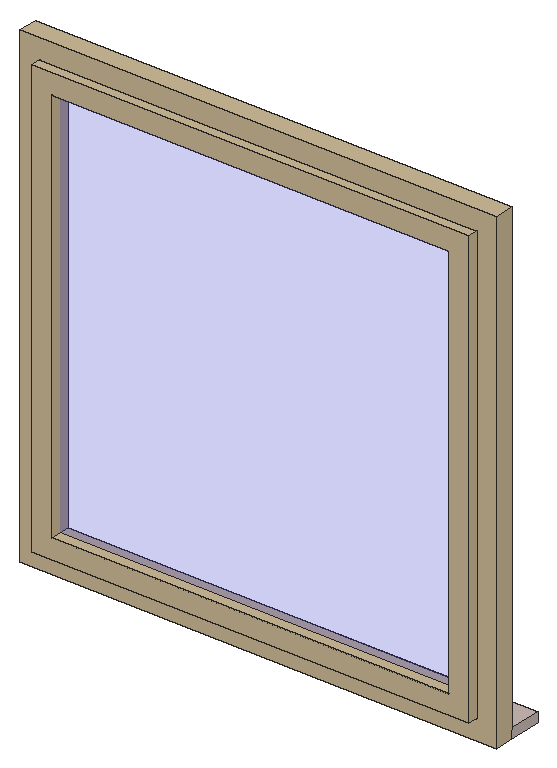
Revit family
Parameters (values of type "1200/1200")
  Operation = "SinglePanel"
  Keynote = "L10/210"
  Height = 120 cm
  Default Sill Height = 80 cm
  Wall Closure = (empty or 0)
  Width = 120 cm
Types (4, lengths in cm): name | Width
  (no name) | 120
  800/1200 | 100
  1000/1200 | 100
  1200/1200 | 120
Reference planes (cm)
  plane 1: y = 0.0519
  plane 2 "Center": x = 0
  plane 3 "Left": x = -60
  plane 4 "Right": x = 60
  plane 5 "Sill": z = 80
  plane 6 "Head": z = 200
  plane 7: y = 2.5519
  plane 8: y = -4.9481
  plane 9: y = -2.4481
  plane 10: z = 190
  plane 11: z = 195
  plane 12: z = 90
  plane 13: z = 85
  plane 14: x = -55
  plane 15: x = -50
  plane 16: x = 50
  plane 17: x = 55
  plane 18: z = 82.5
  plane 19: z = 140
  plane 20: z = 177.5
Forms (cm)
  Extrusion 1, solid, material "Default Frame"
    sketch origin (0, 0, 0) x (0, 0, -1) y (1, 0, 0)
      loop
        line (-200, -60) -> (-80, -60) -> (-80, 60) -> (-200, 60) -> (-200, -60)
      loop
        line (-195, -55) -> (-85, -55) -> (-85, 55) -> (-195, 55) -> (-195, -55)
    from -2.5519 to 2.4481
  Extrusion 2, solid, material "Default Frame"
    sketch origin (0, 0, 0) x (0, 0, -1) y (1, 0, 0)
      loop
        line (-195, -55) -> (-85, -55) -> (-85, 55) -> (-195, 55) -> (-195, -55)
      loop
        line (-190, -50) -> (-90, -50) -> (-90, 50) -> (-190, 50) -> (-190, -50)
    from 0 to 4.9481
  Extrusion 3, solid, material "Glass"
    sketch origin (0, 0, 0) x (0, 0, -1) y (1, 0, 0)
      loop
        line (-190, -50) -> (-90, -50) -> (-90, 50) -> (-190, 50) -> (-190, -50)
    from 2.4481 to 2.5481
  Extrusion 4, solid, material "Default Sill", detail levels fine
    sketch origin (0, 0.0519, 0) x (0, 0, -1) y (1, 0, 0)
      loop
        line (-82.5, 60) -> (-82.5, -60) -> (-80, -60) -> (-80, 60) -> (-82.5, 60)
    from -10.4481 to -2.5
Lines and regions (cm)
  Opening 1
    outline origin (350, -7.5, 0) x (1, 0, 0) y (0, 0, 1)
      loop
        line (-290, 80) -> (-290, 200) -> (-410, 200) -> (-410, 80) -> (-290, 80)
  symbolic lines, style "Elevation Swing"
    curve 1: line (55, 0, 195) -> (-55, 0, 140)
    curve 2: line (-55, 0, 140) -> (55, 0, 85)
Text (cm)
  text "EXTERIOR" at (-325.9869, 133.2353, 0), in view "Ref. Level"
  text "INTERIOR" at (-325.9869, -81.8386, 0), in view "Ref. Level"
  text "Exterior" at (0, 92.3751, 416.4757), in view "Right"
  text "Exterior" at (0, 211.3942, 406.8519), in view "Left"
Dimensions and locks (cm)
  equal spacing: plane 3 "Left", plane 2 "Center", plane 4 "Right"
  "Width": plane 3 "Left" to plane 4 "Right"
  "Height": plane 5 "Sill" to plane 6 "Head"
  "Default Sill Height": plane 5 "Sill" to level
  plane 8 to plane 9 to plane 1 to plane 7 = 2.5 cm locked, 2.5 cm locked, 2.5 cm locked
  plane 3 "Left" to plane 14 to plane 15 = 5 cm locked, 5 cm locked
  plane 16 to plane 17 to plane 4 "Right" = 5 cm locked, 5 cm locked
  plane 12 to plane 13 to plane 5 "Sill" = 5 cm locked, 5 cm locked
  plane 6 "Head" to plane 11 to plane 10 = 5 cm locked, 5 cm locked
  locked: Extrusion 3 to plane 9 at 0.1
  locked: plane 5 "Sill" to plane 18 at 2.5
  locked: Extrusion 4 to host wall at 3
  locked: plane 20 to plane 10 at 12.5
  equal spacing: plane 12, plane 19, plane 10
  aligned and locked: Extrusion 1 to plane 7
  aligned and locked: plane 9 to Extrusion 1
  aligned and locked: plane 8 to Extrusion 2
  aligned and locked: Extrusion 2 to host wall
  aligned and locked: Extrusion 3 to plane 9
  aligned and locked: plane 7 to Extrusion 4
Automatic sketch dimensions
  Opening 1 sketch curve to plane 3 "Left" = 0 cm
  Opening 1 sketch curve to plane 4 "Right" = 0 cm
  Opening 1 sketch curve to plane 5 "Sill" = 0 cm
  Opening 1 sketch curve to plane 6 "Head" = 0 cm
  Extrusion 1 sketch curve to plane 4 "Right" = 0 cm
  Extrusion 1 sketch curve to plane 6 "Head" = 0 cm
  Extrusion 1 sketch curve to plane 11 = 0 cm
  Extrusion 1 sketch curve to plane 13 = 0 cm
  Extrusion 1 sketch curve to plane 5 "Sill" = 0 cm
  Extrusion 1 sketch curve to plane 3 "Left" = 0 cm
  Extrusion 1 sketch curve to plane 14 = 0 cm
  Extrusion 1 sketch curve to plane 17 = 0 cm
  Extrusion 2 sketch curve to plane 11 = 0 cm
  Extrusion 2 sketch curve to plane 10 = 0 cm
  Extrusion 2 sketch curve to plane 12 = 0 cm
  Extrusion 2 sketch curve to plane 13 = 0 cm
  Extrusion 2 sketch curve to plane 14 = 0 cm
  Extrusion 2 sketch curve to plane 15 = 0 cm
  Extrusion 2 sketch curve to plane 16 = 0 cm
  Extrusion 2 sketch curve to plane 17 = 0 cm
  Extrusion 3 sketch curve to plane 10 = 0 cm
  Extrusion 3 sketch curve to plane 12 = 0 cm
  Extrusion 3 sketch curve to plane 15 = 0 cm
  Extrusion 3 sketch curve to plane 16 = 0 cm
  Extrusion 4 sketch curve to plane 3 "Left" = 0 cm
  Extrusion 4 sketch curve to plane 18 = 0 cm
  Extrusion 4 sketch curve to plane 4 "Right" = 0 cm
  Extrusion 4 sketch curve to plane 5 "Sill" = 0 cm
  curve 1 to plane 11 = 0 cm
  curve 2 to plane 14 = 0 cm
  curve 1 to plane 19 = 0 cm
  curve 2 to plane 13 = 0 cm
  curve 2 to plane 17 = 0 cm
  curve 1 to plane 17 = 0 cm
